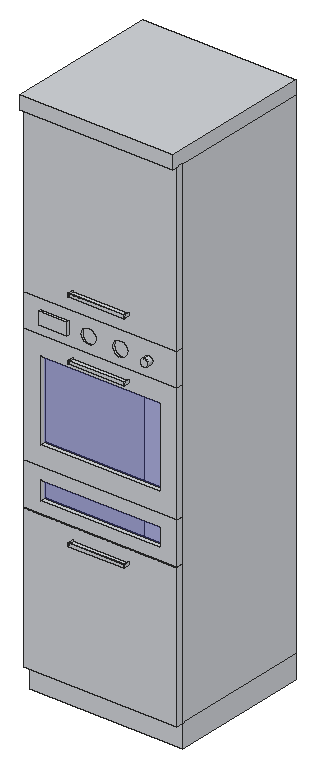
Revit family
Parameters (values of type "600 x 600 x 2105mm")
  Top Material = none
  Oven Material = none
  Material = none
  Handle Material = none
  Glass Material = Glass
  Depth = 600 mm
  Height = 2105 mm
  Width = 600 mm
  Assembly Code = ""
Reference planes
  plane 1 "Back": y = 0
  plane 2: z = 0
  plane 3 "Center (Left/Right)": x = 44.7
  plane 4 "Front": y = -600
  plane 5 "Left": x = -255.3
  plane 6 "Right": x = 344.7
  plane 7 "Top": z = 2105
  plane 8: z = 90
  plane 9: z = 2055
  plane 10: z = 727
  plane 11: z = 1405
  plane 12: z = 650
Forms (mm)
  Extrusion 1, solid
    sketch origin (0, 0, 0) x (1, 0, 0) y (0, 1, 0)
      loop
        line (-255.3, 0) -> (-255.3, -558) -> (-233.3, -558) -> (-233.3, -22) -> (322.7, -22) -> (322.7, -558) -> (344.7, -558) -> (344.7, 0) -> (-255.3, 0)
    from 90 to 2055
  Extrusion 2, solid, material <- "Top Material"
    sketch origin (0, 0, 2105) x (0, -1, 0) y (-1, 0, 0)
      loop
        line (0, 255.3) -> (0, -344.7) -> (600, -344.7) -> (600, 255.3) -> (0, 255.3)
    from 0 to 50
  Extrusion 3, solid, material <- "Material"
    sketch origin (-255.3, -558, 2055) x (0, 0, -1) y (1, 0, 0)
      loop
        line (0, 0) -> (648, 0) -> (648, 600) -> (0, 600) -> (0, 0)
      loop
        line (1407, 0) -> (1965, 0) -> (1965, 600) -> (1407, 600) -> (1407, 0)
    from 0 to 22
  Extrusion 4, solid
    sketch origin (0, 0, 900) x (0, -1, 0) y (-1, 0, 0)
      loop
        line (0.534, 255.3) -> (0.534, -344.7) -> (550.534, -344.7) -> (550.534, 255.3) -> (0.534, 255.3)
    from 810 to 900
  Extrusion 5, solid, material <- "Oven Material"
    sketch origin (-255.3, -558, 2055) x (0, 0, -1) y (1, 0, 0)
      loop
        line (1405, 0) -> (1405, 600) -> (1240.93, 600) -> (1240.93, 0) -> (1405, 0)
      loop
        line (774.07, 0) -> (774.07, 600) -> (650, 600) -> (650, 0) -> (774.07, 0)
      loop
        line (776.07, 0) -> (1238.93, 0) -> (1238.93, 600) -> (776.07, 600) -> (776.07, 0)
      loop
        line (1285.93, 65) -> (1360, 65) -> (1360, 535) -> (1285.93, 535) -> (1285.93, 65)
      loop
        line (1163.93, 65) -> (1163.93, 535) -> (851.07, 535) -> (851.07, 65) -> (1163.93, 65)
    from 0 to 22
  Extrusion 6, solid, material <- "Oven Material"
    sketch origin (-255.3, -580, 2055) x (0, 0, -1) y (1, 0, 0)
      loop
        circle (717.11, 488.484) r 15
    from 0 to 22
  Extrusion 7, void
    sketch origin (-255.3, -580, 2055) x (0, 0, 1) y (1, 0, 0)
      loop
        circle (-717.11, 378.484) r 30
      loop
        circle (-717.11, 253.484) r 30
    from 0 to 6
  Extrusion 8, solid, material "Glass" <- "Glass Material"
    sketch origin (-255.3, -558, 2055) x (0, 0, -1) y (1, 0, 0)
      loop
        line (851.07, 65) -> (1163.93, 65) -> (1163.93, 535) -> (851.07, 535) -> (851.07, 65)
      loop
        line (1285.93, 65) -> (1360, 65) -> (1360, 535) -> (1285.93, 535) -> (1285.93, 65)
    from 0 to 8
  Extrusion 9, solid, material <- "Oven Material"
    sketch origin (-255.3, -580, 2055) x (0, 0, -1) y (1, 0, 0)
      loop
        line (738.338, 65) -> (738.338, 174.171) -> (688.338, 174.171) -> (688.338, 65) -> (738.338, 65)
    from 0 to 8
Cuts and joins
  Extrusion 7 cuts Extrusion 1
  Extrusion 7 cuts Extrusion 2
  Extrusion 7 cuts Extrusion 3
  Extrusion 7 cuts Extrusion 4
  Extrusion 7 cuts Extrusion 5
  Extrusion 7 cuts Extrusion 6
Dimensions and locks
  "Width": plane 6 "Right" to plane 5 "Left"
  equal spacing: plane 6 "Right", plane 3 "Center (Left/Right)", plane 5 "Left"
  "Depth": plane 4 "Front" to plane 1 "Back"
  "Height": level to plane 7 "Top"
  locked: Extrusion 1 sketch curve to Extrusion 1 sketch curve at 22  (x3)
  locked: plane 8 to level at 90
  plane 7 "Top" to plane 9 = 50 mm
  plane 5 "Left" to plane 6 "Right" = 600 mm
  plane 10 to plane 8 = 637 mm
  plane 12 to level = 650 mm
  plane 9 to plane 11 to plane 12 = 650 mm, 755 mm
  equal spacing: Extrusion 5 sketch curve, plane 3 "Center (Left/Right)", Extrusion 5 sketch curve
  Extrusion 5 sketch curve to Extrusion 5 sketch curve = 75 mm  (x2)
  Extrusion 5 sketch curve to Extrusion 5 sketch curve = 45 mm  (x2)
  aligned and locked: Extrusion 1 sketch curve to plane 6 "Right"
  aligned and locked: plane 1 "Back" to Extrusion 1 sketch curve
  aligned and locked: plane 5 "Left" to Extrusion 1 sketch curve
  aligned and locked: Extrusion 1 to plane 9
  aligned and locked: plane 8 to Extrusion 1
  aligned and locked: Extrusion 5 sketch curve to Extrusion 5 sketch curve  (x2)
  aligned and locked: Extrusion 8 sketch curve to cut or joined group of Extrusion 5, Extrusion 7  (x8)
Automatic sketch dimensions
  Extrusion 2 sketch curve to plane 1 "Back" = 0 mm
  Extrusion 2 sketch curve to plane 4 "Front" = 0 mm
  Extrusion 2 sketch curve to plane 5 "Left" = 0 mm
  Extrusion 2 sketch curve to plane 6 "Right" = 0 mm
  Extrusion 1 sketch curve to plane 4 "Front" = 42 mm  (x2)
  Extrusion 4 sketch curve to plane 6 "Right" = 0 mm
  Extrusion 4 sketch curve to plane 5 "Left" = 0 mm
  plane 1 "Back" to Extrusion 4 sketch curve = 0.534 mm
  Extrusion 4 sketch curve to plane 4 "Front" = 49.466 mm
  Extrusion 3 sketch curve to plane 6 "Right" = 0 mm  (x2)
  Extrusion 3 sketch curve to plane 9 = 0 mm
  Extrusion 3 sketch curve to plane 5 "Left" = 0 mm  (x2)
  Extrusion 3 sketch curve to plane 8 = 0 mm
  Extrusion 3 sketch curve to plane 11 = 2 mm
  plane 12 to Extrusion 3 sketch curve = 2 mm
  Extrusion 5 sketch curve to plane 5 "Left" = 0 mm  (x3)
  Extrusion 5 sketch curve to plane 11 = 0 mm
  Extrusion 5 sketch curve to plane 6 "Right" = 0 mm  (x3)
  Extrusion 5 sketch curve to plane 12 = 0 mm
  plane 11 to Extrusion 5 sketch curve = 124.07 mm
  Extrusion 5 sketch curve to Extrusion 5 sketch curve = 2 mm  (x2)
  Extrusion 5 sketch curve to plane 6 "Right" = 65 mm
  Extrusion 5 sketch curve to plane 12 = 241.07 mm
  plane 11 to Extrusion 6 sketch curve = 67.11 mm
  Extrusion 6 sketch curve to plane 6 "Right" = 111.516 mm
  plane 11 to Extrusion 7 sketch curve = 67.11 mm  (x2)
  Extrusion 7 sketch curve to plane 3 "Center (Left/Right)" = 46.516 mm
  plane 3 "Center (Left/Right)" to Extrusion 7 sketch curve = 78.484 mm
  plane 11 to Extrusion 9 sketch curve = 38.338 mm
  Extrusion 9 sketch curve to Extrusion 9 sketch curve = 50 mm
  plane 5 "Left" to Extrusion 9 sketch curve = 65 mm
  Extrusion 9 sketch curve to Extrusion 9 sketch curve = 109.171 mm
  radius of Extrusion 6 sketch curve = 15 mm
  radius of Extrusion 7 sketch curve = 30 mm  (x2)
Nested families
  nested 1: "Casework Handle" at (319.577, -603, 589.18), type "220 x 23mm"
  nested 2: "Casework Handle" at (319.577, -603, 1229.18), type "220 x 23mm"
  nested 3: "Casework Handle" at (319.577, -603, 1465.82), type "220 x 23mm"
Definition of nested family "Casework Handle"
  Parameters (values of type "220 x 23mm")
    Material = none
  Reference planes
    plane 1 "Center (Front/Back)": y = 0
    plane 2: z = 0
    plane 3 "Center (Left/Right)": x = -274.877
    plane 4: x = -384.877
    plane 5: x = -164.877
    plane 6: y = 23
    plane 7: z = 12
  Forms (mm)
    Sweep 1, solid, material <- "Material"
      path origin (0, 0, 0) x (1, 0, 0) y (0, 1, 0)
        loop
          line (-384.877, 23) -> (-384.877, 2.5)
          arc (-384.877, 2.5) -> (-384.145, 0.732) -> (-382.377, 0) r 2.5
          line (-382.377, 0) -> (-167.377, 0)
          arc (-167.377, 0) -> (-165.609, 0.732) -> (-164.877, 2.5) r 2.5
          line (-164.877, 2.5) -> (-164.877, 23)
      profile origin (0, 12.75, 0) x (1, 0, 0) y (0, 0, 1)
        loop
          line (-384.877, 0) -> (-382.877, 0) -> (-382.877, 12) -> (-384.877, 12) -> (-384.877, 0)
    Extrusion 2, solid, material <- "Material"
      sketch origin (0, 0, 0) x (1, 0, 0) y (0, 1, 0)
        loop
          arc (-382.877, 2.5) -> (-382.731, 2.146) -> (-382.377, 2) r 0.5
          line (-382.377, 2) -> (-167.377, 2)
          arc (-167.377, 2) -> (-167.023, 2.146) -> (-166.877, 2.5) r 0.5
          line (-166.877, 2.5) -> (-166.877, 23) -> (-382.877, 23) -> (-382.877, 2.5)
      from 2.765 to 9.254
  Dimensions and locks
    equal spacing: plane 4, plane 3 "Center (Left/Right)", plane 5
